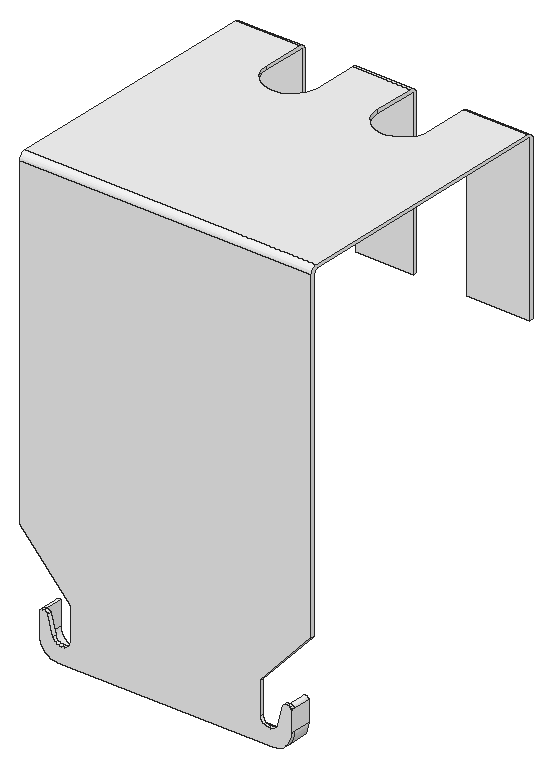
Revit family "特殊75mmWクリップ", category 機械設備, Revit 2020
Family settings
  丸型コネクタ寸法 = 直径を使用
  種別 = なし
  パーツ タイプ = 標準
  作業面ベース = いいえ
  常に垂直 = はい
  ロード時にボイドで切り取り = いいえ
  共有 = いいえ
  部屋計算ポイント = いいえ
Parameters
  製造元 = "株式会社桐井製作所"
  既定の高さ = 0 mm
  URL = "https://www.kirii.co.jp/"
  K_品名 = "特殊75mmWクリップ"
  K_名称 = "特殊クリップ"
  K_入数 = "300"
  K_バージョン情報 = "20211012"
Reference planes
  plane 1 "中心(正面/背面)": y = 0
  plane 2: z = 0
  plane 3 "中心(左/右)": x = 0
Forms (mm)
  Extrusion 1, solid
    sketch origin (0, 30, 0) x (0, 1, 0) y (0, 0, 1)
      loop
        line (-30, 0) -> (-29.45, -0.64) -> (-29.45, 81.75)
        arc (-29.45, 81.75) -> (-29.084, 82.634) -> (-28.2, 83) r 1.25
        line (-28.2, 83) -> (21.65, 83) -> (21.65, 51.4) -> (22.25, 52) -> (22.25, 82.35)
        arc (22.25, 82.35) -> (21.884, 83.234) -> (21, 83.6) r 1.25
        line (21, 83.6) -> (-28.75, 83.6)
        arc (-28.75, 83.6) -> (-29.634, 83.234) -> (-30, 82.35) r 1.25
        line (-30, 82.35) -> (-30, 0)
    from -27.5 to 27.5
  Extrusion 2, void
    sketch origin (0, 0, 0) x (1, 0, 0) y (0, 0, 1)
      loop
        line (-27.5, 21) -> (-27.5, 0) -> (-20.3, 0)
        arc (-20.3, 0) -> (-22.775, 1.025) -> (-23.8, 3.5) r 3.5
        line (-23.8, 3.5) -> (-23.8, 7.4)
        arc (-23.8, 7.4) -> (-23.546, 7.89) -> (-23, 7.966) r 0.6
        arc (-23, 7.966) -> (-22.498, 7.948) -> (-22.177, 7.562) r 0.615
        line (-22.177, 7.562) -> (-21.207, 4.096)
        arc (-21.207, 4.096) -> (-20.595, 3.252) -> (-19.581, 3.011) r 1.5
        arc (-19.581, 3.011) -> (-18.405, 3.377) -> (-17.9, 4.5) r 1.5
        line (-17.9, 4.5) -> (-17.9, 10.5) -> (-27.5, 21)
      loop
        line (27.5, 21) -> (17.9, 10.5) -> (17.9, 4.5)
        arc (17.9, 4.5) -> (18.405, 3.377) -> (19.581, 3.011) r 1.5
        arc (19.581, 3.011) -> (20.595, 3.252) -> (21.207, 4.096) r 1.5
        line (21.207, 4.096) -> (22.177, 7.562)
        arc (22.177, 7.562) -> (22.498, 7.948) -> (23, 7.966) r 0.615
        arc (23, 7.966) -> (23.546, 7.89) -> (23.8, 7.4) r 0.6
        line (23.8, 7.4) -> (23.8, 3.5)
        arc (23.8, 3.5) -> (22.775, 1.025) -> (20.3, 0) r 3.5
        line (20.3, 0) -> (27.5, 0) -> (27.5, 21)
    from -0.6 to 0.213
  Extrusion 3, void
    sketch origin (0, -0.6, -0.8) x (0, 1, 0) y (0, 0, 1)
      loop
        line (0.387, 0.8) -> (0.387, -0.064) -> (1.428, -0.064) -> (1.428, 0.8) -> (0.387, 0.8)
    from -27.5 to 27.5
  Extrusion 4, solid
    sketch origin (0, 0, 0) x (1, 0, 0) y (0, 0, 1)
      loop
        line (-23.8, 7.4) -> (-23.8, 3.5)
        arc (-23.8, 3.5) -> (-22.775, 1.025) -> (-20.3, 0) r 3.5
        line (-20.3, 0) -> (20.3, 0)
        arc (20.3, 0) -> (22.775, 1.025) -> (23.8, 3.5) r 3.5
        line (23.8, 3.5) -> (23.8, 7.4)
        arc (23.8, 7.4) -> (23.546, 7.89) -> (23, 7.966) r 0.6
        line (23, 7.966) -> (23, 3.5)
        arc (23, 3.5) -> (22.209, 1.591) -> (20.3, 0.8) r 2.7
        line (20.3, 0.8) -> (-20.3, 0.8)
        arc (-20.3, 0.8) -> (-22.209, 1.591) -> (-23, 3.5) r 2.7
        line (-23, 3.5) -> (-23, 7.966)
        arc (-23, 7.966) -> (-23.546, 7.89) -> (-23.8, 7.4) r 0.6
    from -4 to -0.6
  Extrusion 5, void
    sketch origin (0, 35.37, 32.255) x (0, 1, 0) y (0, 0, 1)
      loop
        line (15.7, 19.745) -> (15.7, 18.89) -> (16.88, 18.89) -> (16.88, 19.745) -> (15.7, 19.745)
    from -27.5 to 27.5
  Extrusion 6, void
    sketch origin (0, 4.75, 6.15) x (1, 0, 0) y (0, 1, 0)
      loop
        line (-15.5, 47.5) -> (-15.5, 38.25)
        arc (-15.5, 38.25) -> (-10.5, 33.25) -> (-5.5, 38.25) r 5
        line (-5.5, 38.25) -> (-5.5, 47.5) -> (-15.5, 47.5)
      loop
        line (5.5, 47.5) -> (5.5, 38.25)
        arc (5.5, 38.25) -> (10.5, 33.25) -> (15.5, 38.25) r 5
        line (15.5, 38.25) -> (15.5, 47.5) -> (5.5, 47.5)
    from 45.85 to 83.85
Cuts and joins
  Extrusion 2, Extrusion 3, Extrusion 5, Extrusion 6 cuts Extrusion 1
  Extrusion 5, Extrusion 6 cuts Extrusion 4
  joined: Extrusion 1, Extrusion 4
Dimensions and locks
  aligned and locked: level to plane 2
Automatic sketch dimensions
  Extrusion 1 sketch curve to plane 1 "中心(正面/背面)" = 0 mm
  Extrusion 1 sketch curve to level = 0 mm
  Extrusion 1 sketch curve to plane 1 "中心(正面/背面)" = 0.55 mm
  Extrusion 1 sketch curve to plane 1 "中心(正面/背面)" = 1.25 mm
  Extrusion 1 sketch curve to Extrusion 1 sketch curve = 0.55 mm
  Extrusion 1 sketch curve to Extrusion 1 sketch curve = 49.2 mm
  Extrusion 1 sketch curve to Extrusion 1 sketch curve = 0.65 mm  (x2)
  Extrusion 1 sketch curve to Extrusion 1 sketch curve = 0.6 mm  (x2)
  Extrusion 1 sketch curve to level = 0.64 mm
  level to Extrusion 1 sketch curve = 51.4 mm
  Extrusion 1 sketch curve to Extrusion 1 sketch curve = 30.35 mm
  Extrusion 2 sketch curve to level = 0 mm  (x2)
  Extrusion 2 sketch curve to plane 3 "中心(左/右)" = 27.5 mm
  Extrusion 2 sketch curve to Extrusion 2 sketch curve = 3.7 mm  (x2)
  Extrusion 2 sketch curve to Extrusion 2 sketch curve = 0.6 mm  (x2)
  Extrusion 2 sketch curve to Extrusion 2 sketch curve = 0.431 mm  (x2)
  level to Extrusion 2 sketch curve = 7.562 mm
  Extrusion 2 sketch curve to Extrusion 2 sketch curve = 0.592 mm  (x2)
  level to Extrusion 2 sketch curve = 4.096 mm  (x2)
  Extrusion 2 sketch curve to Extrusion 2 sketch curve = 2.593 mm
  Extrusion 2 sketch curve to Extrusion 2 sketch curve = 0.907 mm  (x2)
  Extrusion 2 sketch curve to Extrusion 2 sketch curve = 0.538 mm  (x2)
  Extrusion 2 sketch curve to Extrusion 2 sketch curve = 0.362 mm  (x2)
  Extrusion 2 sketch curve to Extrusion 2 sketch curve = 4.277 mm
  plane 3 "中心(左/右)" to Extrusion 2 sketch curve = 17.9 mm
  Extrusion 2 sketch curve to Extrusion 2 sketch curve = 1.5 mm
  Extrusion 2 sketch curve to Extrusion 2 sketch curve = 0.971 mm
  Extrusion 2 sketch curve to Extrusion 2 sketch curve = 1 mm  (x2)
  Extrusion 2 sketch curve to Extrusion 2 sketch curve = 0 mm  (x3)
  Extrusion 2 sketch curve to Extrusion 2 sketch curve = 3.301 mm
  Extrusion 2 sketch curve to Extrusion 2 sketch curve = 0.166 mm  (x2)
  Extrusion 2 sketch curve to Extrusion 2 sketch curve = 0.004 mm  (x2)
  Extrusion 2 sketch curve to Extrusion 2 sketch curve = 2.938 mm  (x2)
  Extrusion 2 sketch curve to Extrusion 2 sketch curve = 13.034 mm  (x2)
  Extrusion 3 sketch curve to level = 0 mm
  plane 1 "中心(正面/背面)" to Extrusion 3 sketch curve = 0.213 mm
  Extrusion 3 sketch curve to plane 1 "中心(正面/背面)" = 0.828 mm
  Extrusion 3 sketch curve to level = 0.865 mm
  Extrusion 4 sketch curve to Extrusion 4 sketch curve = 0 mm  (x4)
  Extrusion 4 sketch curve to level = 0 mm
  level to Extrusion 4 sketch curve = 7.4 mm
  Extrusion 4 sketch curve to plane 3 "中心(左/右)" = 23.8 mm
  Extrusion 4 sketch curve to Extrusion 4 sketch curve = 0.6 mm  (x2)
  Extrusion 4 sketch curve to Extrusion 4 sketch curve = 0.2 mm
  Extrusion 4 sketch curve to Extrusion 4 sketch curve = 2.7 mm  (x2)
  plane 3 "中心(左/右)" to Extrusion 4 sketch curve = 20.3 mm
  Extrusion 4 sketch curve to Extrusion 4 sketch curve = 3.9 mm
  Extrusion 5 sketch curve to plane 1 "中心(正面/背面)" = 51.071 mm
  Extrusion 5 sketch curve to Extrusion 5 sketch curve = 1.179 mm
  level to Extrusion 5 sketch curve = 51.144 mm
  Extrusion 5 sketch curve to Extrusion 5 sketch curve = 0.856 mm
  plane 3 "中心(左/右)" to Extrusion 6 sketch curve = 5.5 mm
  Extrusion 6 sketch curve to plane 1 "中心(正面/背面)" = 43 mm
  Extrusion 6 sketch curve to Extrusion 6 sketch curve = 5 mm  (x2)
  Extrusion 6 sketch curve to plane 3 "中心(左/右)" = 5.5 mm
  Extrusion 6 sketch curve to Extrusion 6 sketch curve = 0 mm
  Extrusion 6 sketch curve to Extrusion 6 sketch curve = 9.25 mm  (x2)
